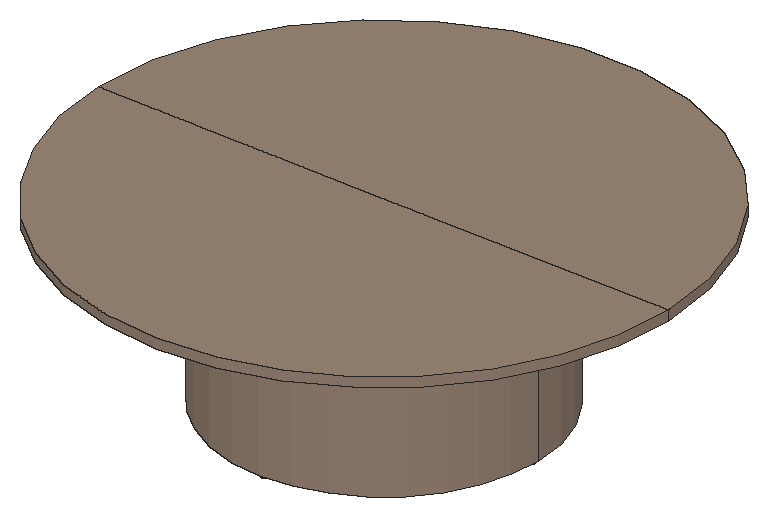
Revit family "Table-Teknion-CFRFFD_Figure_Table_Round_Drum_Base_Flat_Edge-R2023", category Furniture, Revit 2023
Family settings
  OmniClass Number = 23.40.20.00
  OmniClass Title = General Furniture and Specialties
  Work Plane-Based = No
  Enable Cutting in Views = No
  Always vertical = Yes
  Cut with Voids When Loaded = No
  Render Appearance Source = Family Geometry
  Shared = Yes
  Room Calculation Point = No
Parameters (values of type "Figure Table, Round, Drum Base, Flat Edge")
  Width [instance] = 90.000"
  Warranty = "http://www.teknion.com/ca/papers/legal-canada"
  Unit Weight URL = "http://www.teknion.com/ca/tools/assets#&asset=bee6a381-b954-425e-8283-5a2de3a804f2,f828d448-4b62-4231-9e5f-9a8991c0ed77"
  URL = "www.teknion.com"
  Top Finish [instance] = Veneer -Teknion - UU - Rustic Oak - Sierra
  To render please download texture images found here [instance] = "https://assets.teknion.com/web/5e81352c1dfdb467/revit-material-swatches/"
  Sustainability Data = "https://www.teknion.com/ca/tools/assets#&topic=216f99a5-57a0-44fc-b10a-9dee9b29ae4c&asset=444deb64-fe58-4b68-981e-f75e97781df7,b4ff2d81-9f2e-437d-9659-7cffb09c31cf"
  Surface Power Access [instance] = if(Width > 75.000", "Select one option for surface power access. AB are not available for selected width.", if(Width = 48.000", "Only NN available for selected width.", "Select one option for surface power access. AF are not available for selected width."))  # "Select one option for surface power access. AB are not available for selected width."
  Series = "Custom Wood Boardroom & Reception Tables"  # constant formula
  Product Page URL = "https://www.teknion.com/ca/products/product-details?productLineId=f182336e-8e7a-673b-a6c8-ff00004460c4"
  Product Line = "Figure Table"  # constant formula
  Product Documentation Link = "https://d2r72yk5wmppdj.cloudfront.net/m/7b6608f508e3c5a8/Community_Table_Cut_Sheet.pdf"
  Part Number = "CFRFFD"  # constant formula
  NN - None [instance] = not((or([AB - 7" Compact Access Door], [AF - 12" Standard Access Door])))  # yes
  Model = "CFRFFD__"
  Manufacturer Phone = "416-661-3370"  # constant formula
  Manufacturer Fax = "416.661.4586"  # constant formula
  Manufacturer Contact Information = "http://www.teknion.com/ca/contactus"
  Manufacturer Address = "1150 Flint Road, Toronto, ON. M3J 2J5. Canada"  # constant formula
  Manufacturer = "Teknion"  # constant formula
  How To Use Teknion Materials User Guide [instance] = "https://assets.teknion.com/m/205dd0a49fa58060/original/How-to-add-a-Material-Library-and-Texture-Images-to-your-Revit-project.pdf"
  Glide Finish [instance] = Paint - Teknion - Foundation - Sand
  For Additional Finishes please visit [instance] = "https://assets.teknion.com/m/44a8009b046e5d47/original/Teknion_Materials_Library.zip"
  Dim 2 [instance] = if([2 - AB], 6.000", if(Width = 90.000", 15.000", if(Width = 84.000", 12.000", 9.000")))  # 15.000"
  Dim 1 [instance] = if((or(Width = 48.000", Width = 54.000")), 14.500", if((or(Width = 84.000", Width = 90.000")), 20.500", 17.500"))  # 20.500"
  Description = "Figure Table, Round, Drum Base, Flat Edge"
  Default Elevation = 0.000"
  Cut-Out - AF [instance] = if([AF - 12" Standard Access Door], 5.000", 0.300")  # 0.300"
  Cut-Out - AB 2 [instance] = if([2 - AB], 4.000", 0.300")  # 0.300"
  Cut-Out - AB 1 [instance] = if([1 - AB], 4.000", 0.300")  # 0.300"
  Base Finish [instance] = Veneer -Teknion - UU - Rustic Oak - Sierra
  Available Width [instance] = "48, 54, 60, 66, 72, 78, 84 & 90 Inch"  # constant formula
  Assembly Code = "E2020200"
  Access Door Finish [instance] = Paint - Teknion - Foundation - Sand
  AF - 12" Standard Access Door [instance] = no
  AB - 7" Compact Access Door [instance] = no
  2 - AB [instance] = and((or(Width = 66.000", Width = 72.000")), [AB - 7" Compact Access Door])  # no
  1 - AB [instance] = and((or(Width = 54.000", Width = 60.000")), [AB - 7" Compact Access Door])  # no
Reference planes (in)
  plane 1 "Center Front/Back": y = 0
  plane 2: z = 0
  plane 3 "Center Left/Right": x = 0
  plane 4 "Left": x = -45
  plane 5 "Right": x = 45
  plane 6 "Back": y = 45
  plane 7 "Front": y = -45
  plane 8 "Top": z = 29
  plane 9: y = 15
  plane 10: y = -15
  plane 11: z = 27.5
  plane 12: z = 26.75197
  plane 13: y = 24.5
  plane 14: y = -24.5
  plane 15: x = 24.5
  plane 16: x = -24.5
Forms (in)
  Revolve 1, solid, material "Veneer -Teknion - UU - Rustic Oak - Sierra" <- "Top Finish"
    sketch origin (0, 0, 0) x (1, 0, 0) y (0, 0, 1)
      loop
        line (0, 29) -> (0, 27.5) -> (45, 27.5) -> (45, 29) -> (0, 29)
      axis (0, 29) -> (0, 27.5)
    angle from 0 to 360
  Revolve 2, solid, material "Veneer -Teknion - UU - Rustic Oak - Sierra" <- "Top Finish"
    sketch origin (0, 0, 0) x (1, 0, 0) y (0, 0, 1)
      loop
        line (0, 27.5) -> (0, 26.75197) -> (37, 26.75197) -> (37, 27.5) -> (0, 27.5)
      axis (0, 27.5) -> (0, 26.75197)
    angle from 0 to 360
  Revolve 3, solid, material "Veneer -Teknion - UU - Rustic Oak - Sierra" <- "Base Finish"
    sketch origin (0, 0, 0) x (1, 0, 0) y (0, 0, 1)
      loop
        line (24.25, 26.75197) -> (24.25, 0.5) -> (24.5, 0.5) -> (24.5, 26.75197) -> (24.25, 26.75197)
      axis (0, 26.75197) -> (0, 0.5)
    angle from 0 to 360
  Revolve 4, solid, material "Veneer -Teknion - UU - Rustic Oak - Sierra" <- "Base Finish"
    sketch origin (0, 0, 0) x (1, 0, 0) y (0, 0, 1)
      loop
        line (20.25, 0.5) -> (24.25, 0.5) -> (24.25, 1.25) -> (20.25, 1.25) -> (20.25, 0.5)
      loop
        line (20.25, 13.25) -> (24.25, 13.25) -> (24.25, 14) -> (20.25, 14) -> (20.25, 13.25)
      loop
        line (20.25, 26) -> (24.25, 26) -> (24.25, 26.75) -> (20.25, 26.75) -> (20.25, 26)
      axis (0, 26.75) -> (0, 0.5)
    angle from 0 to 360
  Sweep 5, solid, material "Paint - Teknion - Foundation - Sand" <- "Glide Finish"
    path origin (0, 0, 0) x (1, 0, 0) y (0, 0, 1)
      loop
        line (0, 0.5) -> (0, 0.25)
    profile origin (0, 0, 0.375) x (0, -1, 0) y (1, 0, 0)
      loop
        line (-23.8125, 0.18042) -> (-23.8125, -0.18042) -> (-23.5, -0.36084) -> (-23.1875, -0.18042) -> (-23.1875, 0.18042) -> (-23.5, 0.36084) -> (-23.8125, 0.18042)
      loop
        line (23.1875, 0.18042) -> (23.1875, -0.18042) -> (23.5, -0.36084) -> (23.8125, -0.18042) -> (23.8125, 0.18042) -> (23.5, 0.36084) -> (23.1875, 0.18042)
      loop
        line (0.18042, -23.1875) -> (-0.18042, -23.1875) -> (-0.36084, -23.5) -> (-0.18042, -23.8125) -> (0.18042, -23.8125) -> (0.36084, -23.5) -> (0.18042, -23.1875)
      loop
        line (0.18042, 23.8125) -> (-0.18042, 23.8125) -> (-0.36084, 23.5) -> (-0.18042, 23.1875) -> (0.18042, 23.1875) -> (0.36084, 23.5) -> (0.18042, 23.8125)
  Sweep 6, solid, material "Paint - Teknion - Foundation - Sand" <- "Glide Finish"
    path origin (0, 0, 0) x (1, 0, 0) y (0, 0, 1)
      loop
        line (0, 0.25) -> (0, 0)
    profile origin (0, 0, 0.125) x (0, -1, 0) y (1, 0, 0)
      loop
        circle (0, -23.5) r 0.5
      loop
        circle (0, 23.5) r 0.5
      loop
        circle (-23.5, 0) r 0.5
      loop
        circle (23.5, 0) r 0.5
  Sweep 7, void
    path origin (0, 0, 0) x (1, 0, 0) y (0, 0, 1)
      loop
        line (0, 32.19606) -> (0, 32.49606)
    profile origin (0, 0, 32.34606) x (-1, 0, 0) y (0, -1, 0)
      loop
        line (-5.91732, 17.29921) -> (-5.91732, 12.70079)
        arc (-5.91732, 12.70079) -> (-5.80201, 12.4224) -> (-5.52362, 12.30709) r 0.3937
        line (-5.52362, 12.30709) -> (5.52362, 12.30709)
        arc (5.52362, 12.30709) -> (5.80201, 12.4224) -> (5.91732, 12.70079) r 0.3937
        line (5.91732, 12.70079) -> (5.91732, 17.29921)
        arc (5.91732, 17.29921) -> (5.80201, 17.5776) -> (5.52362, 17.69291) r 0.3937
        line (5.52362, 17.69291) -> (-5.52362, 17.69291)
        arc (-5.52362, 17.69291) -> (-5.80201, 17.5776) -> (-5.91732, 17.29921) r 0.3937
      loop
        line (-5.91732, -12.70079) -> (-5.91732, -17.29921)
        arc (-5.91732, -17.29921) -> (-5.80201, -17.5776) -> (-5.52362, -17.69291) r 0.3937
        line (-5.52362, -17.69291) -> (5.52362, -17.69291)
        arc (5.52362, -17.69291) -> (5.80201, -17.5776) -> (5.91732, -17.29921) r 0.3937
        line (5.91732, -17.29921) -> (5.91732, -12.70079)
        arc (5.91732, -12.70079) -> (5.80201, -12.4224) -> (5.52362, -12.30709) r 0.3937
        line (5.52362, -12.30709) -> (-5.52362, -12.30709)
        arc (-5.52362, -12.30709) -> (-5.80201, -12.4224) -> (-5.91732, -12.70079) r 0.3937
  Sweep 8, void
    path origin (0, 0, 0) x (1, 0, 0) y (0, 0, 1)
      loop
        line (0, 22.79606) -> (0, 22.49606)
    profile origin (0, 0, 22.64606) x (0, -1, 0) y (1, 0, 0)
      loop
        line (11.25, 8) -> (11.25, -8)
        arc (11.25, -8) -> (11.39645, -8.35355) -> (11.75, -8.5) r 0.5
        line (11.75, -8.5) -> (18.25, -8.5)
        arc (18.25, -8.5) -> (18.60355, -8.35355) -> (18.75, -8) r 0.5
        line (18.75, -8) -> (18.75, 8)
        arc (18.75, 8) -> (18.60355, 8.35355) -> (18.25, 8.5) r 0.5
        line (18.25, 8.5) -> (11.75, 8.5)
        arc (11.75, 8.5) -> (11.39645, 8.35355) -> (11.25, 8) r 0.5
      loop
        line (-11.25, -8) -> (-11.25, 8)
        arc (-11.25, 8) -> (-11.39645, 8.35355) -> (-11.75, 8.5) r 0.5
        line (-11.75, 8.5) -> (-18.25, 8.5)
        arc (-18.25, 8.5) -> (-18.60355, 8.35355) -> (-18.75, 8) r 0.5
        line (-18.75, 8) -> (-18.75, -8)
        arc (-18.75, -8) -> (-18.60355, -8.35355) -> (-18.25, -8.5) r 0.5
        line (-18.25, -8.5) -> (-11.75, -8.5)
        arc (-11.75, -8.5) -> (-11.39645, -8.35355) -> (-11.25, -8) r 0.5
  Sweep 9, void
    path origin (0, 0, 0) x (1, 0, 0) y (0, 0, 1)
      loop
        line (0, 31.2) -> (0, 31.5)
    profile origin (0, 0, 31.35) x (-1, 0, 0) y (0, -1, 0)
      loop
        line (3.00394, 2.69291) -> (-3.00394, 2.69291)
        arc (-3.00394, 2.69291) -> (-3.28233, 2.5776) -> (-3.39764, 2.29921) r 0.3937
        line (-3.39764, 2.29921) -> (-3.39764, -2.29921)
        arc (-3.39764, -2.29921) -> (-3.28233, -2.5776) -> (-3.00394, -2.69291) r 0.3937
        line (-3.00394, -2.69291) -> (3.00394, -2.69291)
        arc (3.00394, -2.69291) -> (3.28233, -2.5776) -> (3.39764, -2.29921) r 0.3937
        line (3.39764, -2.29921) -> (3.39764, 2.29921)
        arc (3.39764, 2.29921) -> (3.28233, 2.5776) -> (3.00394, 2.69291) r 0.3937
  Sweep 10, void
    path origin (0, 0, 0) x (1, 0, 0) y (0, 0, 1)
      loop
        line (0, 23.8) -> (0, 23.5)
    profile origin (0, 0, 23.65) x (0, -1, 0) y (1, 0, 0)
      loop
        arc (-3.25, 6) -> (-3.60355, 5.85355) -> (-3.75, 5.5) r 0.5
        line (-3.75, 5.5) -> (-3.75, -5.5)
        arc (-3.75, -5.5) -> (-3.60355, -5.85355) -> (-3.25, -6) r 0.5
        line (-3.25, -6) -> (3.25, -6)
        arc (3.25, -6) -> (3.60355, -5.85355) -> (3.75, -5.5) r 0.5
        line (3.75, -5.5) -> (3.75, 5.5)
        arc (3.75, 5.5) -> (3.60355, 5.85355) -> (3.25, 6) r 0.5
        line (3.25, 6) -> (-3.25, 6)
  Sweep 11, void
    path origin (0, 0, 0) x (1, 0, 0) y (0, 0, 1)
      loop
        line (0, 31.5) -> (0, 31.2)
    profile origin (0, 0, 31.35) x (0, -1, 0) y (1, 0, 0)
      loop
        line (12.30709, 3.00394) -> (12.30709, -3.00394)
        arc (12.30709, -3.00394) -> (12.4224, -3.28233) -> (12.70079, -3.39764) r 0.3937
        line (12.70079, -3.39764) -> (17.29921, -3.39764)
        arc (17.29921, -3.39764) -> (17.5776, -3.28233) -> (17.69291, -3.00394) r 0.3937
        line (17.69291, -3.00394) -> (17.69291, 3.00394)
        arc (17.69291, 3.00394) -> (17.5776, 3.28233) -> (17.29921, 3.39764) r 0.3937
        line (17.29921, 3.39764) -> (12.70079, 3.39764)
        arc (12.70079, 3.39764) -> (12.4224, 3.28233) -> (12.30709, 3.00394) r 0.3937
      loop
        arc (-12.30709, 3.00394) -> (-12.4224, 3.28233) -> (-12.70079, 3.39764) r 0.3937
        line (-12.70079, 3.39764) -> (-17.29921, 3.39764)
        arc (-17.29921, 3.39764) -> (-17.5776, 3.28233) -> (-17.69291, 3.00394) r 0.3937
        line (-17.69291, 3.00394) -> (-17.69291, -3.00394)
        arc (-17.69291, -3.00394) -> (-17.5776, -3.28233) -> (-17.29921, -3.39764) r 0.3937
        line (-17.29921, -3.39764) -> (-12.70079, -3.39764)
        arc (-12.70079, -3.39764) -> (-12.4224, -3.28233) -> (-12.30709, -3.00394) r 0.3937
        line (-12.30709, -3.00394) -> (-12.30709, 3.00394)
  Sweep 12, void
    path origin (0, 0, 0) x (1, 0, 0) y (0, 0, 1)
      loop
        line (0, 23.5) -> (0, 23.8)
    profile origin (0, 0, 23.65) x (-1, 0, 0) y (0, -1, 0)
      loop
        line (-6, 18.25) -> (-6, 11.75)
        arc (-6, 11.75) -> (-5.85355, 11.39645) -> (-5.5, 11.25) r 0.5
        line (-5.5, 11.25) -> (5.5, 11.25)
        arc (5.5, 11.25) -> (5.85355, 11.39645) -> (6, 11.75) r 0.5
        line (6, 11.75) -> (6, 18.25)
        arc (6, 18.25) -> (5.85355, 18.60355) -> (5.5, 18.75) r 0.5
        line (5.5, 18.75) -> (-5.5, 18.75)
        arc (-5.5, 18.75) -> (-5.85355, 18.60355) -> (-6, 18.25) r 0.5
      loop
        arc (-6, -18.25) -> (-5.85355, -18.60355) -> (-5.5, -18.75) r 0.5
        line (-5.5, -18.75) -> (5.5, -18.75)
        arc (5.5, -18.75) -> (5.85355, -18.60355) -> (6, -18.25) r 0.5
        line (6, -18.25) -> (6, -11.75)
        arc (6, -11.75) -> (5.85355, -11.39645) -> (5.5, -11.25) r 0.5
        line (5.5, -11.25) -> (-5.5, -11.25)
        arc (-5.5, -11.25) -> (-5.85355, -11.39645) -> (-6, -11.75) r 0.5
        line (-6, -11.75) -> (-6, -18.25)
Cuts and joins
  joined: Sweep 5, Sweep 6
  Sweep 7, Sweep 9, Sweep 11 cuts Revolve 1
  Sweep 8, Sweep 10, Sweep 12 cuts Revolve 2
  joined: Revolve 1, Revolve 2
Lines and regions (in)
  Masking region 1, visible <- "NN - None"
    outline origin (0, 0, 0) x (1, 0, 0) y (0, 1, 0)
      loop
        circle (0, 0) r 45
  Masking region 2, visible <- "1 - AB"
    outline origin (0, 0, 0) x (1, 0, 0) y (0, 1, 0)
      loop
        circle (0, 0) r 45
      loop
        arc (3.0315, 1.96727) -> (3.11414, 1.93304) -> (3.14837, 1.85039) r 0.11687
        line (3.14837, 1.85039) -> (3.14837, 1.55173) -> (3.22045, 1.55173) -> (3.22045, 2.28346)
        arc (3.22045, 2.28346) -> (3.15242, 2.4477) -> (2.98819, 2.51573) r 0.23226
        line (2.98819, 2.51573) -> (-2.98819, 2.51573)
        arc (-2.98819, 2.51573) -> (-3.15242, 2.4477) -> (-3.22045, 2.28346) r 0.23226
        line (-3.22045, 2.28346) -> (-3.22045, 1.55173) -> (-3.14837, 1.55173) -> (-3.14837, 1.85039)
        arc (-3.14837, 1.85039) -> (-3.11414, 1.93304) -> (-3.0315, 1.96727) r 0.11687
        line (-3.0315, 1.96727) -> (3.0315, 1.96727)
      loop
        arc (-3.0315, -1.96727) -> (-3.11414, -1.93304) -> (-3.14837, -1.85039) r 0.11687
        line (-3.14837, -1.85039) -> (-3.14837, -1.55173) -> (-3.22045, -1.55173) -> (-3.22045, -2.28346)
        arc (-3.22045, -2.28346) -> (-3.15242, -2.4477) -> (-2.98819, -2.51573) r 0.23226
        line (-2.98819, -2.51573) -> (2.98819, -2.51573)
        arc (2.98819, -2.51573) -> (3.15242, -2.4477) -> (3.22045, -2.28346) r 0.23226
        line (3.22045, -2.28346) -> (3.22045, -1.55173) -> (3.14837, -1.55173) -> (3.14837, -1.85039)
        arc (3.14837, -1.85039) -> (3.11414, -1.93304) -> (3.0315, -1.96727) r 0.11687
        line (3.0315, -1.96727) -> (-3.0315, -1.96727)
  Masking region 3, visible <- "AF - 12" Standard Access Door"
    outline origin (0, 0, 0) x (1, 0, 0) y (0, 1, 0)
      loop
        circle (0, 0) r 45
      loop
        arc (-5.55118, -16.96727) -> (-5.63382, -16.93304) -> (-5.66805, -16.85039) r 0.11687
        line (-5.66805, -16.85039) -> (-5.66805, -16.55173) -> (-5.74014, -16.55173) -> (-5.74014, -17.28346)
        arc (-5.74014, -17.28346) -> (-5.67211, -17.4477) -> (-5.50787, -17.51573) r 0.23226
        line (-5.50787, -17.51573) -> (5.50787, -17.51573)
        arc (5.50787, -17.51573) -> (5.67211, -17.4477) -> (5.74014, -17.28346) r 0.23226
        line (5.74014, -17.28346) -> (5.74014, -16.55173) -> (5.66805, -16.55173) -> (5.66805, -16.85039)
        arc (5.66805, -16.85039) -> (5.63382, -16.93304) -> (5.55118, -16.96727) r 0.11687
        line (5.55118, -16.96727) -> (-5.55118, -16.96727)
      loop
        arc (-5.50787, -12.48427) -> (-5.67211, -12.5523) -> (-5.74014, -12.71654) r 0.23226
        line (-5.74014, -12.71654) -> (-5.74014, -13.44827) -> (-5.66805, -13.44827) -> (-5.66805, -13.14961)
        arc (-5.66805, -13.14961) -> (-5.63382, -13.06696) -> (-5.55118, -13.03273) r 0.11687
        line (-5.55118, -13.03273) -> (5.55118, -13.03273)
        arc (5.55118, -13.03273) -> (5.63382, -13.06696) -> (5.66805, -13.14961) r 0.11687
        line (5.66805, -13.14961) -> (5.66805, -13.44827) -> (5.74014, -13.44827) -> (5.74014, -12.71654)
        arc (5.74014, -12.71654) -> (5.67211, -12.5523) -> (5.50787, -12.48427) r 0.23226
        line (5.50787, -12.48427) -> (-5.50787, -12.48427)
      loop
        arc (5.55118, 16.96727) -> (5.63382, 16.93304) -> (5.66805, 16.85039) r 0.11687
        line (5.66805, 16.85039) -> (5.66805, 16.55173) -> (5.74014, 16.55173) -> (5.74014, 17.28346)
        arc (5.74014, 17.28346) -> (5.67211, 17.4477) -> (5.50787, 17.51573) r 0.23226
        line (5.50787, 17.51573) -> (-5.50787, 17.51573)
        arc (-5.50787, 17.51573) -> (-5.67211, 17.4477) -> (-5.74014, 17.28346) r 0.23226
        line (-5.74014, 17.28346) -> (-5.74014, 16.55173) -> (-5.66805, 16.55173) -> (-5.66805, 16.85039)
        arc (-5.66805, 16.85039) -> (-5.63382, 16.93304) -> (-5.55118, 16.96727) r 0.11687
        line (-5.55118, 16.96727) -> (5.55118, 16.96727)
      loop
        arc (-5.55118, 13.03273) -> (-5.63382, 13.06696) -> (-5.66805, 13.14961) r 0.11687
        line (-5.66805, 13.14961) -> (-5.66805, 13.44827) -> (-5.74014, 13.44827) -> (-5.74014, 12.71654)
        arc (-5.74014, 12.71654) -> (-5.67211, 12.5523) -> (-5.50787, 12.48427) r 0.23226
        line (-5.50787, 12.48427) -> (5.50787, 12.48427)
        arc (5.50787, 12.48427) -> (5.67211, 12.5523) -> (5.74014, 12.71654) r 0.23226
        line (5.74014, 12.71654) -> (5.74014, 13.44827) -> (5.66805, 13.44827) -> (5.66805, 13.14961)
        arc (5.66805, 13.14961) -> (5.63382, 13.06696) -> (5.55118, 13.03273) r 0.11687
        line (5.55118, 13.03273) -> (-5.55118, 13.03273)
  Masking region 4, visible <- "2 - AB"
    outline origin (0, 0, 0) x (1, 0, 0) y (0, 1, 0)
      loop
        circle (0, 0) r 45
      loop
        arc (3.0315, 16.96727) -> (3.11414, 16.93304) -> (3.14837, 16.85039) r 0.11687
        line (3.14837, 16.85039) -> (3.14837, 16.55173) -> (3.22045, 16.55173) -> (3.22045, 17.28346)
        arc (3.22045, 17.28346) -> (3.15242, 17.4477) -> (2.98819, 17.51573) r 0.23226
        line (2.98819, 17.51573) -> (-2.98819, 17.51573)
        arc (-2.98819, 17.51573) -> (-3.15242, 17.4477) -> (-3.22045, 17.28346) r 0.23226
        line (-3.22045, 17.28346) -> (-3.22045, 16.55173) -> (-3.14837, 16.55173) -> (-3.14837, 16.85039)
        arc (-3.14837, 16.85039) -> (-3.11414, 16.93304) -> (-3.0315, 16.96727) r 0.11687
        line (-3.0315, 16.96727) -> (3.0315, 16.96727)
      loop
        arc (-3.0315, 13.03273) -> (-3.11414, 13.06696) -> (-3.14837, 13.14961) r 0.11687
        line (-3.14837, 13.14961) -> (-3.14837, 13.44827) -> (-3.22045, 13.44827) -> (-3.22045, 12.71654)
        arc (-3.22045, 12.71654) -> (-3.15242, 12.5523) -> (-2.98819, 12.48427) r 0.23226
        line (-2.98819, 12.48427) -> (2.98819, 12.48427)
        arc (2.98819, 12.48427) -> (3.15242, 12.5523) -> (3.22045, 12.71654) r 0.23226
        line (3.22045, 12.71654) -> (3.22045, 13.44827) -> (3.14837, 13.44827) -> (3.14837, 13.14961)
        arc (3.14837, 13.14961) -> (3.11414, 13.06696) -> (3.0315, 13.03273) r 0.11687
        line (3.0315, 13.03273) -> (-3.0315, 13.03273)
      loop
        arc (3.0315, -13.03273) -> (3.11414, -13.06696) -> (3.14837, -13.14961) r 0.11687
        line (3.14837, -13.14961) -> (3.14837, -13.44827) -> (3.22045, -13.44827) -> (3.22045, -12.71654)
        arc (3.22045, -12.71654) -> (3.15242, -12.5523) -> (2.98819, -12.48427) r 0.23226
        line (2.98819, -12.48427) -> (-2.98819, -12.48427)
        arc (-2.98819, -12.48427) -> (-3.15242, -12.5523) -> (-3.22045, -12.71654) r 0.23226
        line (-3.22045, -12.71654) -> (-3.22045, -13.44827) -> (-3.14837, -13.44827) -> (-3.14837, -13.14961)
        arc (-3.14837, -13.14961) -> (-3.11414, -13.06696) -> (-3.0315, -13.03273) r 0.11687
        line (-3.0315, -13.03273) -> (3.0315, -13.03273)
      loop
        arc (-3.0315, -16.96727) -> (-3.11414, -16.93304) -> (-3.14837, -16.85039) r 0.11687
        line (-3.14837, -16.85039) -> (-3.14837, -16.55173) -> (-3.22045, -16.55173) -> (-3.22045, -17.28346)
        arc (-3.22045, -17.28346) -> (-3.15242, -17.4477) -> (-2.98819, -17.51573) r 0.23226
        line (-2.98819, -17.51573) -> (2.98819, -17.51573)
        arc (2.98819, -17.51573) -> (3.15242, -17.4477) -> (3.22045, -17.28346) r 0.23226
        line (3.22045, -17.28346) -> (3.22045, -16.55173) -> (3.14837, -16.55173) -> (3.14837, -16.85039)
        arc (3.14837, -16.85039) -> (3.11414, -16.93304) -> (3.0315, -16.96727) r 0.11687
        line (3.0315, -16.96727) -> (-3.0315, -16.96727)
  symbolic lines
    curve 1: line (0, -130.46563, 26.75197) -> (0, -130.46563, 30.75197)
    curve 2: line (0, -138.46563, 29) -> (0, -138.46563, 31.25)
  symbolic lines, style "FurnitureHiddenLines", visible <- "1 - AB", detail levels fine
    curve 3: line (5.5, 3.75, 0) -> (-5.5, 3.75, 0)
    curve 4: arc (-5.5, 3.75, 0) -> (-5.85355, 3.60355, 0) -> (-6, 3.25, 0) r 0.5
    curve 5: line (-6, 3.25, 0) -> (-6, -3.25, 0)
    curve 6: arc (-6, -3.25, 0) -> (-5.85355, -3.60355, 0) -> (-5.5, -3.75, 0) r 0.5
    curve 7: line (-5.5, -3.75, 0) -> (5.5, -3.75, 0)
    curve 8: arc (5.5, -3.75, 0) -> (5.85355, -3.60355, 0) -> (6, -3.25, 0) r 0.5
    curve 9: line (6, -3.25, 0) -> (6, 3.25, 0)
    curve 10: arc (6, 3.25, 0) -> (5.85355, 3.60355, 0) -> (5.5, 3.75, 0) r 0.5
    curve 11: line (3.00394, 2.69291, 0) -> (-3.00394, 2.69291, 0)
    curve 12: arc (-3.00394, 2.69291, 0) -> (-3.28233, 2.5776, 0) -> (-3.39764, 2.29921, 0) r 0.3937
    curve 13: line (-3.39764, 2.29921, 0) -> (-3.39764, -2.29921, 0)
    curve 14: arc (-3.39764, -2.29921, 0) -> (-3.28233, -2.5776, 0) -> (-3.00394, -2.69291, 0) r 0.3937
    curve 15: line (-3.00394, -2.69291, 0) -> (3.00394, -2.69291, 0)
    curve 16: arc (3.00394, -2.69291, 0) -> (3.28233, -2.5776, 0) -> (3.39764, -2.29921, 0) r 0.3937
    curve 17: line (3.39764, -2.29921, 0) -> (3.39764, 2.29921, 0)
    curve 18: arc (3.39764, 2.29921, 0) -> (3.28233, 2.5776, 0) -> (3.00394, 2.69291, 0) r 0.3937
  symbolic lines, style "FurnitureHiddenLines", visible <- "AF - 12" Standard Access Door", detail levels fine
    curve 19: line (-8, -18.75, 0) -> (8, -18.75, 0)
    curve 20: arc (8, -18.75, 0) -> (8.35355, -18.60355, 0) -> (8.5, -18.25, 0) r 0.5
    curve 21: line (8.5, -18.25, 0) -> (8.5, -11.75, 0)
    curve 22: arc (8.5, -11.75, 0) -> (8.35355, -11.39645, 0) -> (8, -11.25, 0) r 0.5
    curve 23: line (8, -11.25, 0) -> (-8, -11.25, 0)
    curve 24: arc (-8, -11.25, 0) -> (-8.35355, -11.39645, 0) -> (-8.5, -11.75, 0) r 0.5
    curve 25: line (-8.5, -11.75, 0) -> (-8.5, -18.25, 0)
    curve 26: arc (-8.5, -18.25, 0) -> (-8.35355, -18.60355, 0) -> (-8, -18.75, 0) r 0.5
    curve 27: line (5.52362, -12.30709, 0) -> (-5.52362, -12.30709, 0)
    curve 28: arc (-5.52362, -12.30709, 0) -> (-5.80201, -12.4224, 0) -> (-5.91732, -12.70079, 0) r 0.3937
    curve 29: line (-5.91732, -12.70079, 0) -> (-5.91732, -17.29921, 0)
    curve 30: arc (-5.91732, -17.29921, 0) -> (-5.80201, -17.5776, 0) -> (-5.52362, -17.69291, 0) r 0.3937
    curve 31: line (-5.52362, -17.69291, 0) -> (5.52362, -17.69291, 0)
    curve 32: arc (5.52362, -17.69291, 0) -> (5.80201, -17.5776, 0) -> (5.91732, -17.29921, 0) r 0.3937
    curve 33: line (5.91732, -17.29921, 0) -> (5.91732, -12.70079, 0)
    curve 34: arc (5.91732, -12.70079, 0) -> (5.80201, -12.4224, 0) -> (5.52362, -12.30709, 0) r 0.3937
    curve 35: line (-8, 11.25, 0) -> (8, 11.25, 0)
    curve 36: arc (8, 11.25, 0) -> (8.35355, 11.39645, 0) -> (8.5, 11.75, 0) r 0.5
    curve 37: line (8.5, 11.75, 0) -> (8.5, 18.25, 0)
    curve 38: arc (8.5, 18.25, 0) -> (8.35355, 18.60355, 0) -> (8, 18.75, 0) r 0.5
    curve 39: line (8, 18.75, 0) -> (-8, 18.75, 0)
    curve 40: arc (-8, 18.75, 0) -> (-8.35355, 18.60355, 0) -> (-8.5, 18.25, 0) r 0.5
    curve 41: line (-8.5, 18.25, 0) -> (-8.5, 11.75, 0)
    curve 42: arc (-8.5, 11.75, 0) -> (-8.35355, 11.39645, 0) -> (-8, 11.25, 0) r 0.5
    curve 43: line (-5.52362, 12.30709, 0) -> (5.52362, 12.30709, 0)
    curve 44: arc (5.52362, 12.30709, 0) -> (5.80201, 12.4224, 0) -> (5.91732, 12.70079, 0) r 0.3937
    curve 45: line (5.91732, 12.70079, 0) -> (5.91732, 17.29921, 0)
    curve 46: arc (5.91732, 17.29921, 0) -> (5.80201, 17.5776, 0) -> (5.52362, 17.69291, 0) r 0.3937
    curve 47: line (5.52362, 17.69291, 0) -> (-5.52362, 17.69291, 0)
    curve 48: arc (-5.52362, 17.69291, 0) -> (-5.80201, 17.5776, 0) -> (-5.91732, 17.29921, 0) r 0.3937
    curve 49: line (-5.91732, 17.29921, 0) -> (-5.91732, 12.70079, 0)
    curve 50: arc (-5.91732, 12.70079, 0) -> (-5.80201, 12.4224, 0) -> (-5.52362, 12.30709, 0) r 0.3937
  symbolic lines, style "FurnitureHiddenLines", detail levels medium+fine
    curve 51: arc (37, 0, 0) -> (0, 37, 0) -> (-37, 0, 0) r 37
    curve 52: arc (-37, 0, 0) -> (0, -37, 0) -> (37, 0, 0) r 37
    curve 53: arc (24.5, 0, 0) -> (0, 24.5, 0) -> (-24.5, 0, 0) r 24.5
    curve 54: arc (24.25, 0, 0) -> (0, 24.25, 0) -> (-24.25, 0, 0) r 24.25
    curve 55: arc (-24.25, 0, 0) -> (0, -24.25, 0) -> (24.25, 0, 0) r 24.25
    curve 56: arc (-24.5, 0, 0) -> (0, -24.5, 0) -> (24.5, 0, 0) r 24.5
    curve 57: arc (20.25, 0, 0) -> (0, 20.25, 0) -> (-20.25, 0, 0) r 20.25
    curve 58: arc (-20.25, 0, 0) -> (0, -20.25, 0) -> (20.25, 0, 0) r 20.25
  symbolic lines, style "FurnitureHiddenLines", detail levels fine
    curve 59: arc (-23, 0, 0) -> (-23.5, 0.5, 0) -> (-24, 0, 0) r 0.5
    curve 60: arc (-24, 0, 0) -> (-23.5, -0.5, 0) -> (-23, 0, 0) r 0.5
    curve 61: arc (24, 0, 0) -> (23.5, 0.5, 0) -> (23, 0, 0) r 0.5
    curve 62: arc (23, 0, 0) -> (23.5, -0.5, 0) -> (24, 0, 0) r 0.5
    curve 63: arc (0, -24, 0) -> (0.5, -23.5, 0) -> (0, -23, 0) r 0.5
    curve 64: arc (0, -23, 0) -> (-0.5, -23.5, 0) -> (0, -24, 0) r 0.5
    curve 65: arc (0, 23, 0) -> (0.5, 23.5, 0) -> (0, 24, 0) r 0.5
    curve 66: arc (0, 24, 0) -> (-0.5, 23.5, 0) -> (0, 23, 0) r 0.5
  reference lines
    curve 67: line (-45, 45, 0) -> (45, 45, 0)
    curve 68: line (45, 45, 0) -> (45, -45, 0)
    curve 69: line (-45, -45, 0) -> (45, -45, 0)
    curve 70: line (-45, 45, 0) -> (-45, -45, 0)
  symbolic lines, style "FurnitureHiddenLines", visible <- "2 - AB", detail levels fine
    curve 71: line (-6, 18.25, 0) -> (-6, 11.75, 0)
    curve 72: arc (-6, 11.75, 0) -> (-5.85355, 11.39645, 0) -> (-5.5, 11.25, 0) r 0.5
    curve 73: line (-5.5, 11.25, 0) -> (5.5, 11.25, 0)
    curve 74: arc (5.5, 11.25, 0) -> (5.85355, 11.39645, 0) -> (6, 11.75, 0) r 0.5
    curve 75: line (6, 11.75, 0) -> (6, 18.25, 0)
    curve 76: arc (6, 18.25, 0) -> (5.85355, 18.60355, 0) -> (5.5, 18.75, 0) r 0.5
    curve 77: line (5.5, 18.75, 0) -> (-5.5, 18.75, 0)
    curve 78: arc (-5.5, 18.75, 0) -> (-5.85355, 18.60355, 0) -> (-6, 18.25, 0) r 0.5
    curve 79: line (-3.39764, 17.29921, 0) -> (-3.39764, 12.70079, 0)
    curve 80: arc (-3.39764, 12.70079, 0) -> (-3.28233, 12.4224, 0) -> (-3.00394, 12.30709, 0) r 0.3937
    curve 81: line (-3.00394, 12.30709, 0) -> (3.00394, 12.30709, 0)
    curve 82: arc (3.00394, 12.30709, 0) -> (3.28233, 12.4224, 0) -> (3.39764, 12.70079, 0) r 0.3937
    curve 83: line (3.39764, 12.70079, 0) -> (3.39764, 17.29921, 0)
    curve 84: arc (3.39764, 17.29921, 0) -> (3.28233, 17.5776, 0) -> (3.00394, 17.69291, 0) r 0.3937
    curve 85: line (3.00394, 17.69291, 0) -> (-3.00394, 17.69291, 0)
    curve 86: arc (-3.00394, 17.69291, 0) -> (-3.28233, 17.5776, 0) -> (-3.39764, 17.29921, 0) r 0.3937
    curve 87: line (-3.39764, -12.70079, 0) -> (-3.39764, -17.29921, 0)
    curve 88: arc (-3.39764, -17.29921, 0) -> (-3.28233, -17.5776, 0) -> (-3.00394, -17.69291, 0) r 0.3937
    curve 89: line (-3.00394, -17.69291, 0) -> (3.00394, -17.69291, 0)
    curve 90: arc (3.00394, -17.69291, 0) -> (3.28233, -17.5776, 0) -> (3.39764, -17.29921, 0) r 0.3937
    curve 91: line (3.39764, -17.29921, 0) -> (3.39764, -12.70079, 0)
    curve 92: arc (3.39764, -12.70079, 0) -> (3.28233, -12.4224, 0) -> (3.00394, -12.30709, 0) r 0.3937
    curve 93: line (3.00394, -12.30709, 0) -> (-3.00394, -12.30709, 0)
    curve 94: arc (-3.00394, -12.30709, 0) -> (-3.28233, -12.4224, 0) -> (-3.39764, -12.70079, 0) r 0.3937
    curve 95: line (6, -18.25, 0) -> (6, -11.75, 0)
    curve 96: arc (6, -11.75, 0) -> (5.85355, -11.39645, 0) -> (5.5, -11.25, 0) r 0.5
    curve 97: line (5.5, -11.25, 0) -> (-5.5, -11.25, 0)
    curve 98: arc (-5.5, -11.25, 0) -> (-5.85355, -11.39645, 0) -> (-6, -11.75, 0) r 0.5
    curve 99: line (-6, -11.75, 0) -> (-6, -18.25, 0)
    curve 100: arc (-6, -18.25, 0) -> (-5.85355, -18.60355, 0) -> (-5.5, -18.75, 0) r 0.5
    curve 101: line (-5.5, -18.75, 0) -> (5.5, -18.75, 0)
    curve 102: arc (5.5, -18.75, 0) -> (5.85355, -18.60355, 0) -> (6, -18.25, 0) r 0.5
Dimensions and locks (in)
  "Width": plane 4 "Left" to plane 5 "Right"
  "Width": plane 6 "Back" to plane 7 "Front"
  locked: plane 8 "Top" to level at 29
  equal spacing: plane 6 "Back", plane 1 "Center Front/Back", plane 7 "Front"
  equal spacing: plane 4 "Left", plane 3 "Center Left/Right", plane 5 "Right"
  "Dim 2": plane 9 to plane 1 "Center Front/Back"
  "Dim 2": plane 10 to plane 1 "Center Front/Back"
  plane 8 "Top" to plane 11 to plane 12 = 1.500" locked, 0.74803" locked
  curve 2 to curve 1 = 8.000"
  locked: Revolve 2 sketch curve to plane 5 "Right" at 8
  "Dim 1": plane 6 "Back" to plane 13
  "Dim 1": plane 7 "Front" to plane 14
  "Dim 1": plane 4 "Left" to plane 16
  "Dim 1": plane 15 to plane 5 "Right"
  locked: plane 15 to Revolve 3 sketch curve at 0.25
  locked: Revolve 3 sketch curve to plane 2 at 0.5
  locked: plane 15 to Revolve 4 sketch curve at 0.25
  locked: plane 15 to Revolve 4 sketch curve at 4.25
  Revolve 4 sketch curve to Revolve 4 sketch curve to plane 2 = 0.750" locked, 0.500" locked
  Revolve 4 sketch curve to Revolve 4 sketch curve to plane 2 = 0.750" locked, 13.250" locked
  Revolve 4 sketch curve to Revolve 4 sketch curve to plane 2 = 0.750" locked, 26.000" locked
  Sweep 5 sketch curve to Sweep 5 sketch curve to plane 2 = 0.250" locked, 0.250" locked
  plane 13 to Sweep 5 sketch curve to Sweep 5 sketch curve to Sweep 5 sketch curve to Sweep 5 sketch curve = 0.6875" locked, 0.3125" locked, 0.000" locked, 0.3125" locked
  Sweep 5 sketch curve to Sweep 5 sketch curve to Sweep 5 sketch curve to plane 3 "Center Left/Right" to Sweep 5 sketch curve to Sweep 5 sketch curve to Sweep 5 sketch curve = 0.18042" locked, 0.000" locked, 0.18042" locked, 0.18042" locked, 0.000" locked, 0.18042" locked  (x2)
  plane 14 to Sweep 5 sketch curve to Sweep 5 sketch curve to Sweep 5 sketch curve to Sweep 5 sketch curve = 0.6875" locked, 0.3125" locked, 0.000" locked, 0.3125" locked
  plane 16 to Sweep 5 sketch curve to Sweep 5 sketch curve to Sweep 5 sketch curve to Sweep 5 sketch curve = 0.6875" locked, 0.3125" locked, 0.000" locked, 0.3125" locked
  Sweep 5 sketch curve to Sweep 5 sketch curve to Sweep 5 sketch curve to Sweep 5 sketch curve to plane 15 = 0.3125" locked, 0.000" locked, 0.3125" locked, 0.6875" locked
  Sweep 5 sketch curve to Sweep 5 sketch curve to Sweep 5 sketch curve to plane 1 "Center Front/Back" to Sweep 5 sketch curve to Sweep 5 sketch curve to Sweep 5 sketch curve = 0.18042" locked, 0.000" locked, 0.18042" locked, 0.18042" locked, 0.000" locked, 0.18042" locked  (x2)
  locked: Sweep 6 sketch curve to plane 2 at 0.25
  locked: plane 13 to Sweep 6 sketch curve at 1
  locked: Sweep 6 sketch curve to plane 15 at 1
  locked: plane 14 to Sweep 6 sketch curve at 1
  locked: plane 16 to Sweep 6 sketch curve at 1
  locked: Sweep 7 sketch curve to plane 8 "Top" at 3.49606
  "Cut-Out - AF": Sweep 7 sketch curve to Sweep 7 sketch curve
  Sweep 7 sketch curve to Sweep 7 sketch curve to nested 2 to Sweep 7 sketch curve to Sweep 7 sketch curve = 0.3937" locked, 5.52362" locked, 5.52362" locked, 0.3937" locked
  Sweep 7 sketch curve to Sweep 7 sketch curve to nested 2 to Sweep 7 sketch curve to Sweep 7 sketch curve = 0.3937" locked, 2.29921" locked, 2.29921" locked, 0.3937" locked
  Sweep 7 sketch curve to Sweep 7 sketch curve to plane 10 to Sweep 7 sketch curve to Sweep 7 sketch curve = 0.3937" locked, 2.29921" locked, 2.29921" locked, 0.3937" locked
  Sweep 7 sketch curve to Sweep 7 sketch curve to plane 3 "Center Left/Right" to Sweep 7 sketch curve to Sweep 7 sketch curve = 0.3937" locked, 5.52362" locked, 5.52362" locked, 0.3937" locked
  "Cut-Out - AF": Sweep 8 sketch curve to Sweep 8 sketch curve
  locked: plane 12 to Sweep 8 sketch curve at 4.25591
  Sweep 8 sketch curve to Sweep 8 sketch curve to plane 10 to Sweep 8 sketch curve to Sweep 8 sketch curve = 0.500" locked, 3.250" locked, 3.250" locked, 0.500" locked
  Sweep 8 sketch curve to Sweep 8 sketch curve to plane 3 "Center Left/Right" to Sweep 8 sketch curve to Sweep 8 sketch curve = 0.500" locked, 8.000" locked, 8.000" locked, 0.500" locked  (x2)
  Sweep 8 sketch curve to Sweep 8 sketch curve to plane 9 to Sweep 8 sketch curve to Sweep 8 sketch curve = 0.500" locked, 3.250" locked, 3.250" locked, 0.500" locked
  "Cut-Out - AB 1": Sweep 9 sketch curve to Sweep 9 sketch curve
  locked: Sweep 9 sketch curve to plane 8 "Top" at 2.5
  Sweep 9 sketch curve to Sweep 9 sketch curve to plane 1 "Center Front/Back" to Sweep 9 sketch curve to Sweep 9 sketch curve = 0.3937" locked, 2.29921" locked, 2.29921" locked, 0.3937" locked
  Sweep 9 sketch curve to Sweep 9 sketch curve to plane 3 "Center Left/Right" to Sweep 9 sketch curve to Sweep 9 sketch curve = 0.3937" locked, 3.00394" locked, 3.00394" locked, 0.3937" locked
  locked: plane 12 to Sweep 10 sketch curve at 3.25197
  "Cut-Out - AB 1": Sweep 10 sketch curve to Sweep 10 sketch curve
  Sweep 10 sketch curve to Sweep 10 sketch curve to plane 1 "Center Front/Back" to Sweep 10 sketch curve to Sweep 10 sketch curve = 0.500" locked, 3.250" locked, 3.250" locked, 0.500" locked
  Sweep 10 sketch curve to Sweep 10 sketch curve to plane 3 "Center Left/Right" to Sweep 10 sketch curve to Sweep 10 sketch curve = 0.500" locked, 5.500" locked, 5.500" locked, 0.500" locked
  "Cut-Out - AB 2": Sweep 11 sketch curve to Sweep 11 sketch curve
  locked: Sweep 11 sketch curve to plane 8 "Top" at 2.5
  Sweep 11 sketch curve to Sweep 11 sketch curve to plane 9 to Sweep 11 sketch curve to Sweep 11 sketch curve = 0.3937" locked, 2.29921" locked, 2.29921" locked, 0.3937" locked
  Sweep 11 sketch curve to Sweep 11 sketch curve to plane 10 to Sweep 11 sketch curve to Sweep 11 sketch curve = 0.3937" locked, 2.29921" locked, 2.29921" locked, 0.3937" locked
  Sweep 11 sketch curve to Sweep 11 sketch curve to plane 3 "Center Left/Right" to Sweep 11 sketch curve to Sweep 11 sketch curve = 0.3937" locked, 3.00394" locked, 3.00394" locked, 0.3937" locked  (x2)
  locked: plane 12 to Sweep 12 sketch curve at 3.25197
  "Cut-Out - AB 2": Sweep 12 sketch curve to Sweep 12 sketch curve
  Sweep 12 sketch curve to Sweep 12 sketch curve to plane 3 "Center Left/Right" to Sweep 12 sketch curve to Sweep 12 sketch curve = 0.500" locked, 5.500" locked, 5.500" locked, 0.500" locked  (x2)
  Sweep 12 sketch curve to Sweep 12 sketch curve to plane 10 to Sweep 12 sketch curve to Sweep 12 sketch curve = 0.500" locked, 3.250" locked, 3.250" locked, 0.500" locked
  Sweep 12 sketch curve to Sweep 12 sketch curve to plane 9 to Sweep 12 sketch curve to Sweep 12 sketch curve = 0.500" locked, 3.250" locked, 3.250" locked, 0.500" locked
  aligned and locked: level to plane 2
  aligned and locked: Revolve 1 sketch curve to plane 8 "Top"
  aligned and locked: Revolve 1 sketch curve to plane 3 "Center Left/Right"  (x2)
  aligned and locked: plane 11 to Revolve 1 sketch curve
  aligned and locked: Revolve 2 sketch curve to plane 11
  aligned and locked: plane 12 to Revolve 2 sketch curve
  aligned and locked: plane 3 "Center Left/Right" to Revolve 2 sketch curve
  aligned and locked: Revolve 2 sketch curve to plane 3 "Center Left/Right"
  aligned and locked: Revolve 3 sketch curve to plane 15
  aligned and locked: Revolve 3 sketch curve to plane 12
  aligned and locked: Revolve 3 sketch curve to plane 3 "Center Left/Right"
  aligned and locked: Revolve 4 sketch curve to Revolve 4 sketch curve  (x4)
  aligned and locked: Revolve 4 sketch curve to plane 3 "Center Left/Right"
  aligned and locked: Sweep 5 sketch curve to plane 3 "Center Left/Right"
  aligned and locked: Sweep 6 sketch curve to plane 3 "Center Left/Right"
  aligned and locked: plane 2 to Sweep 6 sketch curve
  aligned and locked: plane 1 "Center Front/Back" to Sweep 6 sketch curve  (x2)
  aligned and locked: plane 3 "Center Left/Right" to Sweep 6 sketch curve  (x2)
  aligned and locked: plane 10 to nested 3
  aligned and locked: plane 3 "Center Left/Right" to nested 3
  aligned and locked: nested 2 to plane 9
  aligned and locked: plane 3 "Center Left/Right" to nested 2
  aligned and locked: plane 1 "Center Front/Back" to nested 1
  aligned and locked: plane 3 "Center Left/Right" to nested 1
  aligned and locked: plane 3 "Center Left/Right" to Sweep 7 sketch curve
  aligned and locked: plane 8 "Top" to nested 3
  aligned and locked: plane 8 "Top" to nested 2
  aligned and locked: plane 8 "Top" to nested 1
  aligned and locked: Sweep 8 sketch curve to plane 3 "Center Left/Right"
  aligned and locked: plane 3 "Center Left/Right" to Sweep 9 sketch curve
  aligned and locked: Sweep 10 sketch curve to plane 3 "Center Left/Right"
  aligned and locked: Masking region 1 sketch curve to cut or joined group of Revolve 1, Revolve 2, Sweep 7, Sweep 8, Sweep 9, Sweep 10, Sweep 11, Sweep 12  (x2)
  aligned and locked: Masking region 2 sketch curve to cut or joined group of Revolve 1, Revolve 2, Sweep 7, Sweep 8, Sweep 9, Sweep 10, Sweep 11, Sweep 12  (x2)
  aligned and locked: nested 1 to Masking region 2 sketch curve  (x5)
  aligned and locked: Masking region 2 sketch curve to nested 1  (x9)
  aligned and locked: Masking region 3 sketch curve to cut or joined group of Revolve 1, Revolve 2, Sweep 7, Sweep 8, Sweep 9, Sweep 10, Sweep 11, Sweep 12  (x2)
  aligned and locked: nested 3 to Masking region 3 sketch curve  (x7)
  aligned and locked: Masking region 3 sketch curve to nested 3  (x9)
  aligned and locked: nested 2 to Masking region 3 sketch curve  (x5)
  aligned and locked: Masking region 3 sketch curve to nested 2  (x10)
  aligned and locked: curve 4 to Sweep 10
  aligned and locked: curve 6 to Sweep 10
  aligned and locked: curve 8 to Sweep 10
  aligned and locked: curve 10 to Sweep 10
  aligned and locked: curve 12 to Sweep 9
  aligned and locked: curve 14 to Sweep 9
  aligned and locked: curve 16 to Sweep 9
  aligned and locked: curve 18 to Sweep 9
  aligned and locked: curve 20 to Sweep 8
  aligned and locked: curve 22 to Sweep 8
  aligned and locked: curve 24 to Sweep 8
  aligned and locked: curve 26 to Sweep 8
  aligned and locked: curve 28 to Sweep 7
  aligned and locked: curve 30 to Sweep 7
  aligned and locked: curve 32 to Sweep 7
  aligned and locked: curve 34 to Sweep 7
  aligned and locked: curve 36 to Sweep 8
  aligned and locked: curve 38 to Sweep 8
  aligned and locked: curve 40 to Sweep 8
  aligned and locked: curve 42 to Sweep 8
  aligned and locked: curve 44 to Sweep 7
  aligned and locked: curve 46 to Sweep 7
  aligned and locked: curve 48 to Sweep 7
  aligned and locked: curve 50 to Sweep 7
  aligned and locked: curve 51 to cut or joined group of Revolve 1, Revolve 2, Sweep 7, Sweep 8, Sweep 9, Sweep 10, Sweep 11, Sweep 12
  aligned and locked: curve 52 to cut or joined group of Revolve 1, Revolve 2, Sweep 7, Sweep 8, Sweep 9, Sweep 10, Sweep 11, Sweep 12
  aligned and locked: curve 53 to Revolve 3
  aligned and locked: curve 54 to Revolve 4
  aligned and locked: curve 55 to Revolve 4
  aligned and locked: curve 56 to Revolve 3
  aligned and locked: curve 57 to Revolve 4
  aligned and locked: curve 58 to Revolve 4
  aligned and locked: curve 59 to cut or joined group of Sweep 5, Sweep 6
  aligned and locked: curve 60 to cut or joined group of Sweep 5, Sweep 6
  aligned and locked: curve 61 to cut or joined group of Sweep 5, Sweep 6
  aligned and locked: curve 62 to cut or joined group of Sweep 5, Sweep 6
  aligned and locked: curve 63 to cut or joined group of Sweep 5, Sweep 6
  aligned and locked: curve 64 to cut or joined group of Sweep 5, Sweep 6
  aligned and locked: curve 65 to cut or joined group of Sweep 5, Sweep 6
  aligned and locked: curve 66 to cut or joined group of Sweep 5, Sweep 6
  aligned and locked: curve 67 to plane 6 "Back"
  aligned and locked: plane 5 "Right" to curve 68
  aligned and locked: plane 7 "Front" to curve 69
  aligned and locked: curve 70 to plane 4 "Left"
  aligned and locked: plane 1 "Center Front/Back" to nested 4
  aligned and locked: plane 3 "Center Left/Right" to nested 4
  aligned and locked: nested 5 to plane 9
  aligned and locked: plane 10 to nested 6
  aligned and locked: plane 3 "Center Left/Right" to nested 6
  aligned and locked: plane 3 "Center Left/Right" to nested 5
  aligned and locked: Sweep 11 sketch curve to plane 3 "Center Left/Right"
  aligned and locked: plane 3 "Center Left/Right" to Sweep 12 sketch curve
  aligned and locked: curve 72 to Sweep 12
  aligned and locked: curve 74 to Sweep 12
  aligned and locked: curve 76 to Sweep 12
  aligned and locked: curve 78 to Sweep 12
  aligned and locked: curve 80 to Sweep 11
  aligned and locked: curve 82 to Sweep 11
  aligned and locked: curve 84 to Sweep 11
  aligned and locked: curve 86 to Sweep 11
  aligned and locked: curve 88 to Sweep 11
  aligned and locked: curve 90 to Sweep 11
  aligned and locked: curve 92 to Sweep 11
  aligned and locked: curve 94 to Sweep 11
  aligned and locked: curve 96 to Sweep 12
  aligned and locked: curve 98 to Sweep 12
  aligned and locked: curve 100 to Sweep 12
  aligned and locked: curve 102 to Sweep 12
  aligned and locked: Masking region 4 sketch curve to cut or joined group of Revolve 1, Revolve 2, Sweep 7, Sweep 8, Sweep 9, Sweep 10, Sweep 11, Sweep 12  (x2)
  aligned and locked: nested 5 to Masking region 4 sketch curve  (x5)
  aligned and locked: Masking region 4 sketch curve to nested 5  (x9)
  aligned and locked: nested 6 to Masking region 4 sketch curve  (x5)
  aligned and locked: Masking region 4 sketch curve to nested 6  (x9)
  aligned and locked: plane 5 "Right" to Revolve 1 sketch curve
Automatic sketch dimensions
  Revolve 1 sketch curve to plane 12 = 6.75197"
  curve 2 to plane 8 "Top" = 0.000"
  curve 1 to plane 12 = 0.000"
  plane 7 "Front" to curve 2 = 93.46563"
  plane 8 "Top" to curve 1 = 1.75197"
  plane 8 "Top" to curve 2 = 2.250"
  Revolve 2 sketch curve to plane 12 = 6.39609"
  plane 8 "Top" to Revolve 2 sketch curve = 3.35588"
  Revolve 3 sketch curve to level = 11.04523"
  plane 8 "Top" to Revolve 3 sketch curve = 3.95477"
  Revolve 4 sketch curve to level = 9.0572"
  plane 8 "Top" to Revolve 4 sketch curve = 3.9428"
  Sweep 6 sketch curve to profile plane = 0.000"  (x4)
  plane 1 "Center Front/Back" to Sweep 6 sketch curve = 0.000"  (x4)
  Sweep 6 sketch curve to Sweep 6 sketch curve = 0.500"  (x4)
  plane 1 "Center Front/Back" to Masking region 1 sketch curve = 0.000"  (x2)
  plane 1 "Center Front/Back" to Masking region 2 sketch curve = 0.000"  (x2)
  Masking region 2 sketch curve to Masking region 2 sketch curve = 0.000"
  plane 1 "Center Front/Back" to Masking region 3 sketch curve = 0.000"  (x2)
  curve 63 to plane 3 "Center Left/Right" = 0.000"  (x2)
  curve 66 to plane 3 "Center Left/Right" = 0.000"  (x2)
  plane 1 "Center Front/Back" to curve 54 = 0.000"  (x2)
  plane 1 "Center Front/Back" to curve 53 = 0.000"  (x2)
  plane 1 "Center Front/Back" to curve 51 = 0.000"  (x2)
  plane 1 "Center Front/Back" to curve 57 = 0.000"
  plane 1 "Center Front/Back" to curve 62 = 0.000"  (x2)
  plane 1 "Center Front/Back" to curve 60 = 0.000"  (x2)
  plane 1 "Center Front/Back" to curve 58 = 0.000"
  plane 1 "Center Front/Back" to Masking region 4 sketch curve = 0.000"  (x2)
  Revolve 1 sketch curve to Revolve 1 sketch curve = 6.000"
Nested families (in)
  nested 1: "7 Inch Compact Recessed Access Door" at (-1350, 150, -0.06), visible <- "1 - AB", Finish <- "Access Door Finish", type "7 Inch Compact Recessed Access Door"
    with To render please download texture images found here "https://assets.teknion.com/web/5e81352c1dfdb467/revit-material-swatches/", How To Use Teknion Materials User Guide "https://assets.teknion.com/m/205dd0a49fa58060/original/How-to-add-a-Material-Library-and-Texture-Images-to-your-Revit-project.pdf", For Additional Finishes please visit "https://assets.teknion.com/m/44a8009b046e5d47/original/Teknion_Materials_Library.zip", Finish Paint - Teknion - Foundation - Sand
  nested 2: "12 Inch Standard Recessed Access Door" at (-1350, 165, -0.06), visible <- "AF - 12" Standard Access Door", Finish <- "Access Door Finish", type "12 Inch Compact Recessed Access Door"
    with To render please download texture images found here "https://assets.teknion.com/web/5e81352c1dfdb467/revit-material-swatches/", How To Use Teknion Materials User Guide "https://assets.teknion.com/m/205dd0a49fa58060/original/How-to-add-a-Material-Library-and-Texture-Images-to-your-Revit-project.pdf", For Additional Finishes please visit "https://assets.teknion.com/m/44a8009b046e5d47/original/Teknion_Materials_Library.zip", Finish Paint - Teknion - Foundation - Sand
  nested 3: "12 Inch Standard Recessed Access Door" at (-1350, 135, -0.06), visible <- "AF - 12" Standard Access Door", Finish <- "Access Door Finish", type "12 Inch Compact Recessed Access Door"
    with To render please download texture images found here "https://assets.teknion.com/web/5e81352c1dfdb467/revit-material-swatches/", How To Use Teknion Materials User Guide "https://assets.teknion.com/m/205dd0a49fa58060/original/How-to-add-a-Material-Library-and-Texture-Images-to-your-Revit-project.pdf", For Additional Finishes please visit "https://assets.teknion.com/m/44a8009b046e5d47/original/Teknion_Materials_Library.zip", Finish Paint - Teknion - Foundation - Sand
  nested 4: "Teknion_2D_Node_Family-R2016" at (0, 0, 0), type "Teknion_2D_Node_Family-R2016"
  nested 5: "7 Inch Compact Recessed Access Door" at (-1350, 165, -0.06), visible <- "2 - AB", Finish <- "Access Door Finish", type "7 Inch Compact Recessed Access Door"
    with To render please download texture images found here "https://assets.teknion.com/web/5e81352c1dfdb467/revit-material-swatches/", How To Use Teknion Materials User Guide "https://assets.teknion.com/m/205dd0a49fa58060/original/How-to-add-a-Material-Library-and-Texture-Images-to-your-Revit-project.pdf", For Additional Finishes please visit "https://assets.teknion.com/m/44a8009b046e5d47/original/Teknion_Materials_Library.zip", Finish Paint - Teknion - Foundation - Sand
  nested 6: "7 Inch Compact Recessed Access Door" at (-1350, 135, -0.06), visible <- "2 - AB", Finish <- "Access Door Finish", type "7 Inch Compact Recessed Access Door"
    with To render please download texture images found here "https://assets.teknion.com/web/5e81352c1dfdb467/revit-material-swatches/", How To Use Teknion Materials User Guide "https://assets.teknion.com/m/205dd0a49fa58060/original/How-to-add-a-Material-Library-and-Texture-Images-to-your-Revit-project.pdf", For Additional Finishes please visit "https://assets.teknion.com/m/44a8009b046e5d47/original/Teknion_Materials_Library.zip", Finish Paint - Teknion - Foundation - Sand
Definition of nested family "7 Inch Compact Recessed Access Door"
  Parameters (values of type "7 Inch Compact Recessed Access Door")
    Warranty = "http://www.teknion.com/ca/papers/legal-canada"
    Unit Weight URL = "http://www.teknion.com/ca/tools/assets#&asset=bee6a381-b954-425e-8283-5a2de3a804f2,f828d448-4b62-4231-9e5f-9a8991c0ed77"
    URL = "www.teknion.com"
    To render please download texture images found here [instance] = "https://assets.teknion.com/web/5e81352c1dfdb467/revit-material-swatches/"
    Sustainability Data = "https://www.teknion.com/ca/tools/assets#&topic=216f99a5-57a0-44fc-b10a-9dee9b29ae4c&asset=444deb64-fe58-4b68-981e-f75e97781df7,b4ff2d81-9f2e-437d-9659-7cffb09c31cf"
    Series = ""
    Product Page URL = ""
    Product Line = ""
    Product Documentation Link = ""
    Part Number = ""
    Model = "1"
    Manufacturer Phone = "416-661-3370"  # constant formula
    Manufacturer Fax = "416.661.4586"  # constant formula
    Manufacturer Contact Information = "http://www.teknion.com/ca/contactus"
    Manufacturer Address = "1150 Flint Road, Toronto, ON. M3J 2J5. Canada"  # constant formula
    Manufacturer = "Teknion"  # constant formula
    How To Use Teknion Materials User Guide [instance] = "https://assets.teknion.com/m/205dd0a49fa58060/original/How-to-add-a-Material-Library-and-Texture-Images-to-your-Revit-project.pdf"
    For Additional Finishes please visit [instance] = "https://assets.teknion.com/m/44a8009b046e5d47/original/Teknion_Materials_Library.zip"
    Finish [instance] = none
    Description = "7 Inch Compact Recessed Access Door"
    Default Elevation = 0.000"
    Assembly Code = "E2020200"
  Reference planes (in)
    plane 1 "Center Front/Back": y = -150
    plane 2: z = 0
    plane 3 "Center Left/Right": x = 1350
    plane 4 "Left": x = 1346.49213
    plane 5 "Right": x = 1353.50787
    plane 6 "Back": y = -147.19685
    plane 7 "Front": y = -152.80315
    plane 8 "Top": z = 29.06
    plane 9: z = 29.13087
    plane 10: z = 27.55606
  Forms (in)
    Sweep 1, solid, material <- "Finish"
      path origin (0, -150, 0) x (1, 0, 0) y (0, 0, 1)
        loop
          line (1350, 29.0915) -> (1350, 28.93402)
      profile origin (1350, -150, 29.01276) x (0, -1, 0) y (1, 0, 0)
        loop
          line (-1.96727, 3.0315) -> (-1.96727, -3.0315)
          arc (-1.96727, -3.0315) -> (-1.93304, -3.11414) -> (-1.85039, -3.14837) r 0.11687
          line (-1.85039, -3.14837) -> (1.85039, -3.14837)
          arc (1.85039, -3.14837) -> (1.93304, -3.11414) -> (1.96727, -3.0315) r 0.11687
          line (1.96727, -3.0315) -> (1.96727, 3.0315)
          arc (1.96727, 3.0315) -> (1.93304, 3.11414) -> (1.85039, 3.14837) r 0.11687
          line (1.85039, 3.14837) -> (-1.85039, 3.14837)
          arc (-1.85039, 3.14837) -> (-1.93304, 3.11414) -> (-1.96727, 3.0315) r 0.11687
    Sweep 2, solid, material <- "Finish"
      path origin (0, 0, 0) x (1, 0, 0) y (0, 1, 0)
        loop
          line (1347.54528, -150.97077) -> (1348.02559, -150.97077)
      profile origin (1347.78543, -150.97077, 0) x (0, 1, 0) y (0, 0, 1)
        loop
          arc (-0.58221, 28.65831) -> (-0.29695, 28.37305) -> (-0.01169, 28.65831) r 0.28526
          line (-0.01169, 28.65831) -> (0, 28.99307) -> (-0.5939, 28.99307) -> (-0.58221, 28.65831)
    Sweep 3, solid, material <- "Finish"
      path origin (4.42913, 2.53543, 0) x (1, 0, 0) y (0, 1, 0)
        loop
          line (1347.54528, -150.97077) -> (1348.02559, -150.97077)
      profile origin (1352.21457, -148.43533, 0) x (0, 1, 0) y (0, 0, 1)
        loop
          arc (-0.58221, 28.65831) -> (-0.29695, 28.37305) -> (-0.01169, 28.65831) r 0.28526
          line (-0.01169, 28.65831) -> (0, 28.99307) -> (-0.5939, 28.99307) -> (-0.58221, 28.65831)
    Sweep 4, solid, material <- "Finish"
      path origin (0, 0, 0) x (1, 0, 0) y (0, 1, 0)
        loop
          line (1347.47244, -150) -> (1347.05512, -150)
      profile origin (1347.26378, -150, 0) x (0, -1, 0) y (0, 0, 1)
        loop
          line (1.26772, 28.9537) -> (-1.26772, 28.9537)
          arc (-1.26772, 28.9537) -> (-1.46955, 28.8701) -> (-1.55315, 28.66827) r 0.28543
          arc (-1.55315, 28.66827) -> (-1.46955, 28.46644) -> (-1.26772, 28.38283) r 0.28543
          line (-1.26772, 28.38283) -> (1.26772, 28.38283)
          arc (1.26772, 28.38283) -> (1.46955, 28.46644) -> (1.55315, 28.66827) r 0.28543
          arc (1.55315, 28.66827) -> (1.46955, 28.8701) -> (1.26772, 28.9537) r 0.28543
    Sweep 5, solid, material <- "Finish"
      path origin (2700, 0, 0) x (-1, 0, 0) y (0, -1, 0)
        loop
          line (1347.47244, 150) -> (1347.05512, 150)
      profile origin (1352.73622, -150, 0) x (0, 1, 0) y (0, 0, 1)
        loop
          arc (-1.26772, 28.9537) -> (-1.46955, 28.8701) -> (-1.55315, 28.66827) r 0.28543
          arc (-1.55315, 28.66827) -> (-1.46955, 28.46644) -> (-1.26772, 28.38283) r 0.28543
          line (-1.26772, 28.38283) -> (1.26772, 28.38283)
          arc (1.26772, 28.38283) -> (1.46955, 28.46644) -> (1.55315, 28.66827) r 0.28543
          arc (1.55315, 28.66827) -> (1.46955, 28.8701) -> (1.26772, 28.9537) r 0.28543
          line (1.26772, 28.9537) -> (-1.26772, 28.9537)
    Sweep 6, solid, material <- "Finish"
      path origin (0, -150, 0) x (1, 0, 0) y (0, 0, 1)
        loop
          line (1350, 28.30172) -> (1350, 27.55606)
      profile origin (1350, -150, 27.92889) x (0, -1, 0) y (1, 0, 0)
        loop
          line (1.35626, -3.311) -> (2.28346, -3.311)
          arc (2.28346, -3.311) -> (2.51173, -3.21645) -> (2.60628, -2.98819) r 0.32281
          line (2.60628, -2.98819) -> (2.60628, 2.98819)
          arc (2.60628, 2.98819) -> (2.51173, 3.21645) -> (2.28346, 3.311) r 0.32281
          line (2.28346, 3.311) -> (1.35626, 3.311) -> (-1.35626, 3.311) -> (-2.28346, 3.311)
          arc (-2.28346, 3.311) -> (-2.51173, 3.21645) -> (-2.60628, 2.98819) r 0.32281
          line (-2.60628, 2.98819) -> (-2.60628, -2.98819)
          arc (-2.60628, -2.98819) -> (-2.51173, -3.21645) -> (-2.28346, -3.311) r 0.32281
          line (-2.28346, -3.311) -> (-1.35626, -3.311) -> (1.35626, -3.311)
        loop
          arc (2.28346, -3.22045) -> (2.4477, -3.15242) -> (2.51573, -2.98819) r 0.23226
          line (2.51573, -2.98819) -> (2.51573, 2.98819)
          arc (2.51573, 2.98819) -> (2.4477, 3.15242) -> (2.28346, 3.22045) r 0.23226
          line (2.28346, 3.22045) -> (1.44686, 3.22045) -> (1.44686, 2.58268) -> (-1.44686, 2.58268) -> (-1.44686, 3.22045) -> (-2.28346, 3.22045)
          arc (-2.28346, 3.22045) -> (-2.4477, 3.15242) -> (-2.51573, 2.98819) r 0.23226
          line (-2.51573, 2.98819) -> (-2.51573, -2.98819)
          arc (-2.51573, -2.98819) -> (-2.4477, -3.15242) -> (-2.28346, -3.22045) r 0.23226
          line (-2.28346, -3.22045) -> (-1.44686, -3.22045) -> (-1.44686, -2.58268) -> (1.44686, -2.58268) -> (1.44686, -3.22045) -> (2.28346, -3.22045)
    SweptBlend 7, solid, material <- "Finish"
      path origin (0, -150, 0) x (1, 0, 0) y (0, 0, 1)
        loop
          line (1350, 28.30172) -> (1350, 29.06)
      profile origin (1350, -150, 28.30172) x (-1, 0, 0) y (0, -1, 0)
        loop
          line (2.98819, 2.60628) -> (-2.98819, 2.60628)
          arc (-2.98819, 2.60628) -> (-3.21645, 2.51173) -> (-3.311, 2.28346) r 0.32281
          line (-3.311, 2.28346) -> (-3.311, -2.28346)
          arc (-3.311, -2.28346) -> (-3.21645, -2.51173) -> (-2.98819, -2.60628) r 0.32281
          line (-2.98819, -2.60628) -> (2.98819, -2.60628)
          arc (2.98819, -2.60628) -> (3.21645, -2.51173) -> (3.311, -2.28346) r 0.32281
          line (3.311, -2.28346) -> (3.311, 2.28346)
          arc (3.311, 2.28346) -> (3.21645, 2.51173) -> (2.98819, 2.60628) r 0.32281
      end profile origin (1350, -150, 29.06) x (-1, 0, 0) y (0, -1, 0)
        loop
          line (2.98819, 2.64602) -> (-2.98819, 2.64602)
          arc (-2.98819, 2.64602) -> (-3.24455, 2.53983) -> (-3.35074, 2.28346) r 0.36255
          line (-3.35074, 2.28346) -> (-3.35074, -2.28346)
          arc (-3.35074, -2.28346) -> (-3.24455, -2.53983) -> (-2.98819, -2.64602) r 0.36255
          line (-2.98819, -2.64602) -> (2.98819, -2.64602)
          arc (2.98819, -2.64602) -> (3.24455, -2.53983) -> (3.35074, -2.28346) r 0.36255
